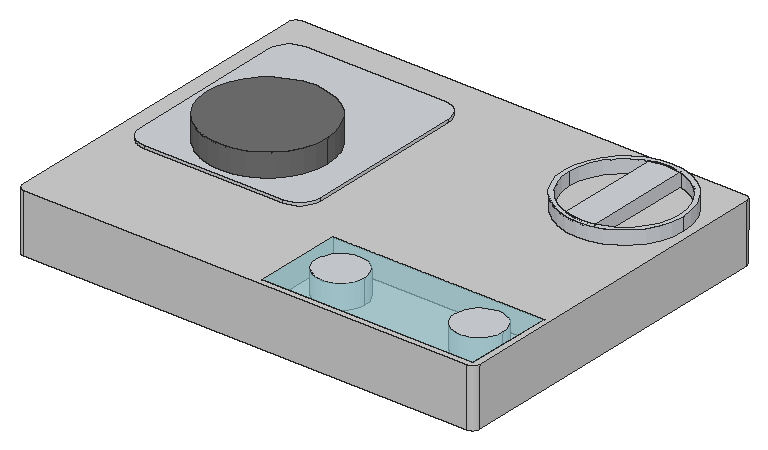
Revit family "Building-IEC309Connections-GEWISS-44IB-INTERLOCKED-SOCKET-OUTLETS_IP44_WITHOUT_BOTTOM_FUS", category Apparecchi elettrici, host Superficie, Revit 2019
Family settings
  Host = Superficie
  Mantenere orientamento annotazione = Sì
  Quota connettore circolare = Usa diametro
  Tipo di parte = Normale
  Taglio con vuoti quando caricato = No
  Condiviso = No
  Punto di calcolo locali = Sì
Parameters (values of type "GW66144 - 32A 3P+N+E 500V H.INT.SOCK.O.N.B. 7H CBF")
  visibilita posizionamento 2d [instance] = yes
  simbolo acceso [instance] = yes
  oggetto in pianta [instance] = not(visibilita posizionamento 2d)  # no
  distanza_simbolo [instance] = 1 mm
  distanza dal piano [instance] = 10 mm
  Working temperature = "-25 ÷ +40 °C"
  With back-mounting box = "No"
  W = 115 mm  # constant formula
  Voltaggio = 0 V
  Version file RFA = "21.4"
  VETRO = Vetro
  URL = "https://www.gewiss.com/ww/en"
  Typology = "Horizontal"
  Thermo-pressure with ball = "125 °C"
  Technical sheet = "https://www.gewiss.com/ww/en/search?q=GW66144"
  Spostamento_effettivo_S [instance] = 4000 mm - Spostamento_S  # 3000 mm
  Spostamento_S = 1000 mm
  Simbolo circuito [instance] = not(simbolo acceso)  # no
  Shock resistance = "IK08"
  STRUTTURA ALTA = blue
  STRUTTURA = RAL - 7035
  SEO = "Socket outlet"
  Reference h = "7"
  Realized by GEWISS S.p.A. = ""
  Rated voltage = "480-500V"
  Rated frequency (Hz) = "50/60 Hz"
  Rated current (In) = "32"
  Rated current (A) = "32"
  Protection = "Fuse-holder base (CBF)"
  Default Elevation = 1219.2 mm
  Produttore = "GEWISS S.p.A."
  PRESA = Giallo
  POMELLO = bianco
  Operating temperature: = "-25 +40 °C"
  Number of poles = "3P+N+E"
  No. of poles = "3P+N+E"
  N.poli = 1
  Modello = "GW66144"
  L = 155 mm  # constant formula
  Immagine tipo = IP44Fus.jpg
  IP degree = "IP44"
  IDT = "d594ee1e-5beb-4100-9b20-8b248744bc80"
  IDF = "220cc990-e7b6-467b-b248-952f9c972e44"
  Glow wire test: = "850 °C (active parts) - 650 °C (passive parts)"
  Glow Wire Test = "850 °C (active parts) - 650 °C (passive parts)"
  Fuses holder = "gG"
  Fuse breacking capacity = "> 50 kA"
  Frequency = "50/60 Hz"
  FORMULA = 1000 mm * 1  # 1000 mm
  Electrocod = "2220"
  EAN code = "8011564029507"
  Descrizione = "32A 3P+N+E 500V H.INT.SOCK.O.N.B. 7H CBF"
  Colour: = "Black"
  Colour = "Black"
  Catalogue Range = "44 IB"
  Catalogue = "BUILDING"
  COBie.Tagnumber = ""
  COBie.CreatedOn = ""
  COBie.CreatebBy = ""
  COBie.ComponentRegisterItemID = ""
  COBie.Component.TagNumber = ""
  COBie.Component.Space = ""
  COBie.Component.SerialNumber = ""
  COBie.Component.InstallationDate = ""
  COBie.Component.Description = ""
  COBie.Component.BarCode = ""
  BLOCCO = "B=C"
Types (22, lengths in mm): name | Technical sheet | Reference h | Rated voltage | Rated current (In) | Rated current (A) | Number of poles | No. of poles | Modello | IDT | Fuses holder | EAN code | Descrizione | Colour: | Colour
  GW66123 - 16A 2P+E 110V H.INT.SOCK.O.N.B. 4H CBF | "https://www.gewiss.com/ww/en/search?q=GW66123" | "4" | "100-130V" | "16" | "16" | "2P+E" | "2P+E" | "GW66123" | "d865181a-db6f-4733-a7f4-ee1a884c36ac" | "E14" | "8011564029293" | "16A 2P+E 110V H.INT.SOCK.O.N.B. 4H CBF" | "Yellow" | "Yellow"
  GW66124 - 16A 3P+E 110V H.INT.SOCK.O.N.B. 4H CBF | "https://www.gewiss.com/ww/en/search?q=GW66124" | "4" | "100-130V" | "16" | "16" | "3P+E" | "3P+E" | "GW66124" | "ba8cc6a1-6464-4a92-bec3-a971aebed9c9" | "E14" | "8011564029309" | "16A 3P+E 110V H.INT.SOCK.O.N.B. 4H CBF" | "Yellow" | "Yellow"
  GW66125 - 16A 3P+N+E 110V H.INT.SOCK.O.N.B. 4H CBF | "https://www.gewiss.com/ww/en/search?q=GW66125" | "4" | "100-130V" | "16" | "16" | "3P+N+E" | "3P+N+E" | "GW66125" | "780a1870-7141-4bca-a64a-31ce98675e8f" | "E14" | "8011564029316" | "16A 3P+N+E 110V H.INT.SOCK.O.N.B. 4H CBF" | "Yellow" | "Yellow"
  GW66126 - 16A 2P+E 230V H.INT.SOCK.O.N.B. 6H CBF | "https://www.gewiss.com/ww/en/search?q=GW66126" | "6" | "200-250V" | "16" | "16" | "2P+E" | "2P+E" | "GW66126" | "e4e375a5-ace5-484a-9d3f-762b819f9489" | "E14" | "8011564029323" | "16A 2P+E 230V H.INT.SOCK.O.N.B. 6H CBF" | "Blue" | "Blue"
  GW66127 - 16A 3P+E 230V H.INT.SOCK.O.N.B. 9H CBF | "https://www.gewiss.com/ww/en/search?q=GW66127" | "9" | "200-250V" | "16" | "16" | "3P+E" | "3P+E" | "GW66127" | "27e9ce2b-8455-460f-96e0-f57ed8d9a4a8" | "E14" | "8011564029330" | "16A 3P+E 230V H.INT.SOCK.O.N.B. 9H CBF" | "Blue" | "Blue"
  GW66128 - 16A 3P+N+E 230V H.INT.SOCK.O.N.B. 9H CBF | "https://www.gewiss.com/ww/en/search?q=GW66128" | "9" | "200-250V" | "16" | "16" | "3P+N+E" | "3P+N+E" | "GW66128" | "a443fdd3-9bf4-4279-82a0-fdacf7472c05" | "E14" | "8011564029347" | "16A 3P+N+E 230V H.INT.SOCK.O.N.B. 9H CBF" | "Blue" | "Blue"
  GW66129 - 16A 2P+E 400V H.INT.SOCK.O.N.B. 9H CBF | "https://www.gewiss.com/ww/en/search?q=GW66129" | "9" | "380-415V" | "16" | "16" | "2P+E" | "2P+E" | "GW66129" | "60379017-f275-4d69-bc77-8d432f6c908f" | "E14" | "8011564029354" | "16A 2P+E 400V H.INT.SOCK.O.N.B. 9H CBF" | "Red" | "Red"
  GW66130 - 16A 3P+E 400V H.INT.SOCK.O.N.B. 6H CBF | "https://www.gewiss.com/ww/en/search?q=GW66130" | "6" | "380-415V" | "16" | "16" | "3P+E" | "3P+E" | "GW66130" | "626ce0a9-565f-4e2d-a121-3c0070c761b2" | "E14" | "8011564029361" | "16A 3P+E 400V H.INT.SOCK.O.N.B. 6H CBF" | "Red" | "Red"
  GW66131 - 16A 3P+N+E 400V H.INT.SOCK.O.N.B. 6H CBF | "https://www.gewiss.com/ww/en/search?q=GW66131" | "6" | "380-415V" | "16" | "16" | "3P+N+E" | "3P+N+E" | "GW66131" | "f0238afb-2289-4400-b44b-e1221a362020" | "E14" | "8011564029378" | "16A 3P+N+E 400V H.INT.SOCK.O.N.B. 6H CBF" | "Red" | "Red"
  GW66132 - 16A 3P+E 500V H.INT.SOCK.O.N.B. 7H CBF | "https://www.gewiss.com/ww/en/search?q=GW66132" | "7" | "480-500V" | "16" | "16" | "3P+E" | "3P+E" | "GW66132" | "02a3db47-bfc7-4908-b6d0-5a2c496df560" | "gG" | "8011564029385" | "16A 3P+E 500V H.INT.SOCK.O.N.B. 7H CBF" | "Black" | "Black"
  GW66133 - 16A 3P+N+E 500V H.INT.SOCK.O.N.B. 7H CBF | "https://www.gewiss.com/ww/en/search?q=GW66133" | "7" | "480-500V" | "16" | "16" | "3P+N+E" | "3P+N+E" | "GW66133" | "05d95da2-3f60-4d1d-95d9-5079e33acc79" | "gG" | "8011564029392" | "16A 3P+N+E 500V H.INT.SOCK.O.N.B. 7H CBF" | "Black" | "Black"
  GW66134 - 32A 2P+E 110V H.INT.SOCK.O.N.B. 4H CBF | "https://www.gewiss.com/ww/en/search?q=GW66134" | "4" | "100-130V" | "32" | "32" | "2P+E" | "2P+E" | "GW66134" | "55c611ab-fc5f-45bb-83d3-7ac72e4d1a5f" | "E18" | "8011564029408" | "32A 2P+E 110V H.INT.SOCK.O.N.B. 4H CBF" | "Yellow" | "Yellow"
  GW66135 - 32A 3P+E 110V H.INT.SOCK.O.N.B. 4H CBF | "https://www.gewiss.com/ww/en/search?q=GW66135" | "4" | "100-130V" | "32" | "32" | "3P+E" | "3P+E" | "GW66135" | "f273748a-626d-457f-a7f8-4a647b34e61b" | "E18" | "8011564029415" | "32A 3P+E 110V H.INT.SOCK.O.N.B. 4H CBF" | "Yellow" | "Yellow"
  GW66136 - 32A 3P+N+E 110V H.INT.SOCK.O.N.B. 4H CBF | "https://www.gewiss.com/ww/en/search?q=GW66136" | "4" | "100-130V" | "32" | "32" | "3P+N+E" | "3P+N+E" | "GW66136" | "02324301-823f-47d2-bdfc-f335b4377400" | "E18" | "8011564029422" | "32A 3P+N+E 110V H.INT.SOCK.O.N.B. 4H CBF" | "Yellow" | "Yellow"
  GW66137 - 32A 2P+E 230V H.INT.SOCK.O.N.B. 6H CBF | "https://www.gewiss.com/ww/en/search?q=GW66137" | "6" | "200-250V" | "32" | "32" | "2P+E" | "2P+E" | "GW66137" | "d60d6951-15fe-4860-bfa8-1e7b4dfc9a13" | "E18" | "8011564029439" | "32A 2P+E 230V H.INT.SOCK.O.N.B. 6H CBF" | "Blue" | "Blue"
  GW66138 - 32A 3P+E 230V H.INT.SOCK.O.N.B. 9H CBF | "https://www.gewiss.com/ww/en/search?q=GW66138" | "9" | "200-250V" | "32" | "32" | "3P+E" | "3P+E" | "GW66138" | "7e39b0d5-9697-4710-ad08-14052aaa1030" | "E18" | "8011564029446" | "32A 3P+E 230V H.INT.SOCK.O.N.B. 9H CBF" | "Blue" | "Blue"
  GW66139 - 32A 3P+N+E 230V H.INT.SOCK.O.N.B. 9H CBF | "https://www.gewiss.com/ww/en/search?q=GW66139" | "9" | "200-250V" | "32" | "32" | "3P+N+E" | "3P+N+E" | "GW66139" | "7be2307e-add9-4018-be24-103bc8ff07f7" | "E18" | "8011564029453" | "32A 3P+N+E 230V H.INT.SOCK.O.N.B. 9H CBF" | "Blue" | "Blue"
  GW66140 - 32A 2P+E 400V H.INT.SOCK.O.N.B. 9H CBF | "https://www.gewiss.com/ww/en/search?q=GW66140" | "9" | "380-415V" | "32" | "32" | "2P+E" | "2P+E" | "GW66140" | "da9a0dd5-dbfc-4347-8c85-6acd15e5a295" | "E18" | "8011564029460" | "32A 2P+E 400V H.INT.SOCK.O.N.B. 9H CBF" | "Red" | "Red"
  GW66141 - 32A 3P+E 400V H.INT.SOCK.O.N.B. 6H CBF | "https://www.gewiss.com/ww/en/search?q=GW66141" | "6" | "380-415V" | "32" | "32" | "3P+E" | "3P+E" | "GW66141" | "d1dcc1e9-ce0b-4fca-a15c-cdb788cca326" | "E18" | "8011564029477" | "32A 3P+E 400V H.INT.SOCK.O.N.B. 6H CBF" | "Red" | "Red"
  GW66142 - 32A 3P+N+E 400V H.INT.SOCK.O.N.B. 6H CBF | "https://www.gewiss.com/ww/en/search?q=GW66142" | "6" | "380-415V" | "32" | "32" | "3P+N+E" | "3P+N+E" | "GW66142" | "b4ab6ff6-c865-4da7-8c3e-7eee63859023" | "E18" | "8011564029484" | "32A 3P+N+E 400V H.INT.SOCK.O.N.B. 6H CBF" | "Red" | "Red"
  GW66143 - 32A 3P+E 500V H.INT.SOCK.O.N.B. 7H CBF | "https://www.gewiss.com/ww/en/search?q=GW66143" | "7" | "480-500V" | "32" | "32" | "3P+E" | "3P+E" | "GW66143" | "6257d119-5bf8-4505-9e73-2c5024973be1" | "gG" | "8011564029491" | "32A 3P+E 500V H.INT.SOCK.O.N.B. 7H CBF" | "Black" | "Black"
  GW66144 - 32A 3P+N+E 500V H.INT.SOCK.O.N.B. 7H CBF | "https://www.gewiss.com/ww/en/search?q=GW66144" | "7" | "480-500V" | "32" | "32" | "3P+N+E" | "3P+N+E" | "GW66144" | "d594ee1e-5beb-4100-9b20-8b248744bc80" | "gG" | "8011564029507" | "32A 3P+N+E 500V H.INT.SOCK.O.N.B. 7H CBF" | "Black" | "Black"
Reference planes
  plane 1 "Centro (Fronte/Retro)": y = 0
  plane 2: z = 0
  plane 3 "Centro (Sinistra/Destra)": x = 0
  plane 4: x = -3000
  plane 5: x = 0
  plane 6: through (-313.07, 66.247, 1219.2) normal (0.9397, -0.342, 0)
  plane 7: through (-499.796, -177.063, 1219.2) normal (0.342, 0.9397, 0)
  plane 8: through (528.128, 342.051, 1219.2) normal (0.9397, -0.342, 0)
  plane 9: x = -77.5
  plane 10: x = 77.5
  plane 11: y = -57.5
  plane 12: y = 57.5
  plane 13: z = 10
Forms (mm)
  Extrusion 1, solid, detail levels coarse
    sketch origin (-117, 0, 0) x (1, 0, 0) y (0, 1, 0)
      loop
        line (5.324, 72.25) -> (5.324, -72.25) -> (195.824, -72.25) -> (195.824, 72.25) -> (5.324, 72.25)
    from 10 to 44.5
Lines and regions (mm)
  symbolic lines, visible <- "visibilita posizionamento 2d"
    curve 1: line (-111.676, 0, 10) -> (-111.676, 0, 33.544)
    curve 2: line (-111.676, 0, 33.544) -> (81.574, 0, 33.544)
    curve 3: line (81.574, 0, 33.544) -> (81.574, 0, 10)
  symbolic lines, visible <- "visibilita posizionamento 2d", not visible
    curve 4: line (-111.676, 0, 63.456) -> (-111.676, 0, 87)
    curve 5: line (-111.676, 0, 87) -> (81.574, 0, 87)
    curve 6: line (81.574, 0, 87) -> (81.574, 0, 63.456)
  symbolic lines
    curve 7: line (-111.676, 0, 10) -> (81.574, 0, 10)
  symbolic lines, not visible
    curve 8: line (-111.676, 0, 63.456) -> (81.574, 0, 63.456)
Text (mm)
  text "B=C*D" at (190.064, 99.613, 0), in view "Livello rif."
Dimensions and locks
  plane 4 to plane 3 "Centro (Sinistra/Destra)" = 3000 mm
  "Spostamento_effettivo_S": plane 4 to plane 5
  equal spacing: plane 9, plane 3 "Centro (Sinistra/Destra)", plane 10
  equal spacing: plane 12, plane 1 "Centro (Fronte/Retro)", plane 11
  "L": plane 9 to plane 10
  "W": plane 12 to plane 11
  "distanza dal piano": plane 13 to plane 2
  angle plane 6 to plane 5 = 20.00°
  angle plane 7 to plane 1 "Centro (Fronte/Retro)" = 20.00°
  angle plane 8 to plane 7 = 90.00°
  aligned and locked: plane 2 to host face
  aligned and locked: level to host face
  aligned and locked: nested 1 to plane 5
  aligned and locked: plane 1 "Centro (Fronte/Retro)" to nested 2
  aligned and locked: Extrusion 1 to plane 13
  aligned and locked: plane 5 to nested 3
  aligned and locked: plane 3 "Centro (Sinistra/Destra)" to nested 2
  aligned and locked: Extrusion 1 to nested 2  (x5)
  aligned and locked: Extrusion 1 to curve 7
  aligned and locked: curve 1 to Extrusion 1
  aligned and locked: curve 3 to nested 2
Automatic sketch dimensions
  host sketch curve to host sketch curve = 2438.4 mm  (x2)
  Extrusion 1 sketch curve to plane 3 "Centro (Sinistra/Destra)" = 111.676 mm
  plane 3 "Centro (Sinistra/Destra)" to Extrusion 1 sketch curve = 78.824 mm
  plane 1 "Centro (Fronte/Retro)" to Extrusion 1 sketch curve = 72.25 mm
  Extrusion 1 sketch curve to plane 1 "Centro (Fronte/Retro)" = 72.25 mm
  curve 3 to curve 2 = 23.544 mm
  curve 6 to curve 5 = 23.544 mm
  curve 1 to curve 3 = 193.25 mm
  curve 4 to curve 6 = 193.25 mm
Nested families
  nested 1: "PRESAINDPFUS" at (0, 247.795, 0), SIMBOLO ACCESO <- "simbolo acceso", Distanza dal muro <- "distanza_simbolo", visible <- "simbolo acceso", type "3P"
    with SIMBOLO ACCESO yes, Distanza dal muro 1 mm, BORDO ACCESO yes
  nested 2: "base_IB PRESE INTERBLOC portaf ORIZ.rfa_no fondo" at (-16.426, 0, 10), type "base_IB PRESE INTERBLOC portaf ORIZ.rfa_no fondo", detail levels medium+fine
  nested 3: "simbolo_circuitoGW66201N" at (0.924, 249.682, 0), Distanza dal muro <- "distanza_simbolo", visible <- "Simbolo circuito", type "3P"
    with SIMBOLO ACCESO yes, Distanza dal muro 1 mm, BORDO ACCESO yes
Connectors
  electrical at (-16.426, -72.25, 27.25), driven by "N.poli", driven by "Voltaggio"
    settings: on Extrusion 1, index 1, voltage 0 V, apparent load 0 VA, apparent load phase1 0 VA, apparent load phase2 0 VA, apparent load phase3 0 VA, power factor 1, load classification "Altro", number of poles 1, system type 31, power factor state 1, is connector primary yes, connector utility no, sub classification motor no, connector description ""
Definition of nested family "base_IB PRESE INTERBLOC portaf ORIZ.rfa_no fondo"
  Parameters (values of type "base_IB PRESE INTERBLOC portaf ORIZ.rfa_no fondo")
    Vetro = none
    Struttura = none
    Spessore = 160 mm
    Default Elevation = 14 mm
    Presa = none
    Lunghezza = 196 mm  # constant formula
    IFC.TypeObject = ""
    IFC.ExportType = ""
    IFC.ExportAs = ""
    H_da terra = 586.883 mm
    COBie.CreatedOn = ""
    COBie.CreatebBy = ""
    COBie.ComponentRegisterItemID = ""
    COBie.Component.TagNumber = ""
    COBie.Component.Space = ""
    COBie.Component.SerialNumber = ""
    COBie.Component.InstallationDate = ""
    COBie.Component.Description = ""
    COBie.Component.BarCode = ""
    Altezza = 150 mm  # constant formula
  Reference planes
    plane 1 "Centro (Fronte/Retro)": y = 0
    plane 2: z = 0
    plane 3 "Centro (Sinistra/Destra)": x = 0
    plane 4: z = 34.5
    plane 5: x = -95.25
    plane 6: x = -98
    plane 7: x = 95.25
    plane 8: x = 98
    plane 9: y = 75
    plane 10: y = -75
    plane 11: x = -65.25
    plane 12: z = 0
    plane 13: z = 25.133
    plane 14: z = 24
    plane 15: y = 58.289
    plane 16: x = 93
    plane 17: y = -32.96
    plane 18: x = 5
    plane 19: y = -70
    plane 20: z = 14.218
    plane 21: y = -43.532
    plane 22: x = 16.426
    plane 23: x = 85.968
    plane 24: z = 9.75
    plane 25: z = 27.604
  Forms (mm)
    Extrusion 1, solid, material <- "Struttura"
      sketch origin (0, -661.883, 0) x (1, 0, 0) y (0, 1, 0)
        loop
          line (-95.25, 731.134) -> (-95.25, 592.633)
          arc (-95.25, 592.633) -> (-94.372, 590.512) -> (-92.251, 589.633) r 3
          line (-92.251, 589.633) -> (92.251, 589.633)
          arc (92.251, 589.633) -> (94.372, 590.512) -> (95.25, 592.633) r 3
          line (95.25, 592.633) -> (95.25, 731.134)
          arc (95.25, 731.134) -> (94.372, 733.255) -> (92.251, 734.133) r 3
          line (92.251, 734.133) -> (-92.251, 734.133)
          arc (-92.251, 734.133) -> (-94.372, 733.255) -> (-95.25, 731.134) r 3
      from 0 to 24
    Extrusion 2, solid
      sketch origin (15.707, -661.98, 0) x (1, 0, 0) y (0, 1, 0)
        loop
          circle (51.251, 703.105) r 24.739
        loop
          circle (51.251, 703.105) r 22.94
      from 24 to 29.5
    Extrusion 3, solid
      sketch origin (14.421, -653.184, 0) x (1, 0, 0) y (0, 1, 0)
        loop
          arc (45.579, 672.45) -> (51.85, 671.379) -> (58.173, 672.073) r 22.94
          line (58.173, 672.073) -> (58.173, 716.546)
          arc (58.173, 716.546) -> (51.85, 717.239) -> (45.579, 716.168) r 22.94
          line (45.579, 716.168) -> (45.579, 672.45)
      from 24 to 29.5
    Extrusion 4, solid
      sketch origin (-22.5, -674.005, 0) x (1, 0, 0) y (0, 1, 0)
        loop
          line (9.483, 657.084) -> (9.521, 723.465)
          arc (9.521, 723.465) -> (6.935, 729.709) -> (0.692, 732.295) r 8.829
          line (0.692, 732.295) -> (-56.711, 732.295)
          arc (-56.711, 732.295) -> (-62.749, 729.794) -> (-65.25, 723.756) r 8.539
          line (-65.25, 723.756) -> (-65.25, 656.898)
          arc (-65.25, 656.898) -> (-62.73, 650.814) -> (-56.647, 648.294) r 8.604
          line (-56.647, 648.294) -> (0.692, 648.294)
          arc (0.692, 648.294) -> (6.908, 650.868) -> (9.483, 657.084) r 8.791
      from 24 to 25.133
    Extrusion 5, solid, material <- "Presa"
      sketch origin (-22.5, -652.755, 0) x (1, 0, 0) y (0, 1, 0)
        loop
          circle (-27.977, 655.044) r 25
      from 24 to 34.5
    Extrusion 6, void
      sketch origin (0, 0, 0) x (1, 0, 0) y (0, 1, 0)
        loop
          line (5, -70) -> (93, -70) -> (93, -32.96) -> (5, -32.96) -> (5, -70)
      from 14.218 to 24
    Extrusion 7, solid
      sketch origin (0, 0, 0) x (1, 0, 0) y (0, 1, 0)
        loop
          line (5, -70) -> (93, -70) -> (93, -32.96) -> (5, -32.96) -> (5, -70)
      from 9.75 to 24
    Extrusion 8, solid
      sketch origin (0, 0, 0) x (1, 0, 0) y (0, 1, 0)
        loop
          circle (20.176, -47.907) r 10
        loop
          circle (77.824, -47.907) r 10
      from 24 to 9.75
  Cuts and joins
    Extrusion 6 cuts Extrusion 1
  Dimensions and locks
    locked: plane 6 to plane 5 at 2.75
    locked: plane 7 to plane 8 at 2.75
    "Lunghezza": plane 6 to plane 8
    equal spacing: plane 10, plane 1 "Centro (Fronte/Retro)", plane 9
    equal spacing: plane 6, plane 3 "Centro (Sinistra/Destra)", plane 8
    plane 12 to level = 0 mm
    plane 18 to plane 16 = 88 mm
    plane 17 to plane 19 = 37.04 mm
    locked: plane 16 to plane 8 at 5
    locked: plane 10 to plane 19 at 5
    "Altezza": plane 10 to plane 9
    locked: plane 13 to plane 25 at 2.471
    plane 12 to plane 20 = 14.218 mm
    locked: plane 20 to plane 14 at 9.782
    locked: plane 14 to plane 13 at 1.133
    plane 12 to plane 14 = 24 mm
    locked: plane 12 to plane 4 at 34.5
    locked: plane 4 to plane 25 at 6.896
    locked: plane 4 to Extrusion 2 at 5
    locked: plane 24 to plane 20 at 4.468
    aligned and locked: level to plane 2
    aligned and locked: Extrusion 2 to Extrusion 1
    aligned and locked: Extrusion 4 to plane 15
    aligned and locked: Extrusion 6 sketch curve to plane 18
    aligned and locked: Extrusion 6 sketch curve to plane 17
    aligned and locked: Extrusion 6 sketch curve to plane 16
    aligned and locked: Extrusion 6 sketch curve to plane 19
    aligned and locked: Extrusion 2 to Extrusion 6
    aligned and locked: plane 20 to cut or joined group of Extrusion 1, Extrusion 6
    aligned and locked: Extrusion 7 sketch curve to plane 18
    aligned and locked: Extrusion 7 sketch curve to plane 19
    aligned and locked: Extrusion 7 sketch curve to plane 17
    aligned and locked: Extrusion 7 sketch curve to plane 16
    aligned and locked: Extrusion 7 to plane 14
    aligned and locked: Extrusion 3 sketch curve to Extrusion 2  (x2)
    aligned and locked: plane 24 to Extrusion 7
    aligned and locked: Extrusion 8 to plane 24
    aligned and locked: plane 14 to Extrusion 4
    aligned and locked: plane 14 to Extrusion 5
    aligned and locked: plane 14 to Extrusion 3
    aligned and locked: Extrusion 4 to plane 13
    aligned and locked: plane 12 to cut or joined group of Extrusion 1, Extrusion 6
    aligned and locked: cut or joined group of Extrusion 1, Extrusion 6 to plane 14
    aligned and locked: Extrusion 8 to plane 14
    aligned and locked: plane 4 to Extrusion 5
    aligned and locked: Extrusion 2 to Extrusion 3
  Automatic sketch dimensions
    Extrusion 1 sketch curve to plane 5 = 0 mm
    Extrusion 1 sketch curve to plane 7 = 0 mm
    Extrusion 1 sketch curve to plane 5 = 3 mm  (x2)
    Extrusion 1 sketch curve to Extrusion 1 sketch curve = 3 mm
    plane 7 to Extrusion 1 sketch curve = 3 mm
    Extrusion 1 sketch curve to plane 10 = 2.75 mm
    plane 9 to Extrusion 1 sketch curve = 5.749 mm
    Extrusion 2 sketch curve to Extrusion 2 sketch curve = 0 mm  (x2)
    plane 7 to Extrusion 2 sketch curve = 28.292 mm
    plane 9 to Extrusion 2 sketch curve = 33.875 mm
    Extrusion 5 sketch curve to plane 1 "Centro (Fronte/Retro)" = 2.288 mm
    Extrusion 4 sketch curve to plane 11 = 22.5 mm
    Extrusion 4 sketch curve to plane 11 = 13.961 mm
    Extrusion 4 sketch curve to plane 11 = 13.896 mm
    Extrusion 4 sketch curve to plane 3 "Centro (Sinistra/Destra)" = 21.808 mm  (x2)
    Extrusion 4 sketch curve to Extrusion 4 sketch curve = 8.829 mm
    plane 1 "Centro (Fronte/Retro)" to Extrusion 4 sketch curve = 16.921 mm
    plane 1 "Centro (Fronte/Retro)" to Extrusion 4 sketch curve = 17.108 mm
    Extrusion 4 sketch curve to Extrusion 4 sketch curve = 0 mm
    Extrusion 5 sketch curve to plane 3 "Centro (Sinistra/Destra)" = 50.477 mm
    plane 15 to Extrusion 4 sketch curve = 0 mm
    Extrusion 3 sketch curve to plane 15 = 4.695 mm
    Extrusion 3 sketch curve to plane 15 = 5.072 mm
    Extrusion 8 sketch curve to plane 23 = 8.144 mm
    plane 22 to Extrusion 8 sketch curve = 3.75 mm
    Extrusion 8 sketch curve to plane 21 = 4.375 mm  (x2)
    radius of Extrusion 2 sketch curve = 24.739 mm
    radius of Extrusion 2 sketch curve = 22.94 mm
    radius of Extrusion 5 sketch curve = 25 mm
    radius of Extrusion 8 sketch curve = 10 mm  (x2)
Definition of nested family "PRESAINDPFUS"
  Parameters (values of type "2P")
    SIMBOLO ACCESO [instance] = yes
    SIMBOLO = PRESAINDPFUS_BASE : 2P
    Distanza dal muro [instance] = 0 mm
    BORDO ACCESO [instance] = yes
  Types (2, lengths in mm): name | SIMBOLO
    2P | PRESAINDPFUS_BASE : 2P
    3P | PRESAINDPFUS_BASE : 3P
  Reference planes
    plane 1: y = 0
    plane 2: x = 0
  Dimensions and locks
    "Distanza dal muro": plane 1 to nested 1
    aligned and locked: plane 2 to nested 1
  Nested families
    nested 1: "PRESAINDPFUS_BASE" at (0, 0, 0), type <- "SIMBOLO", CORNICE SIMBOLO <- "BORDO ACCESO", visible <- "SIMBOLO ACCESO", type "2P"
  Definition of nested family "PRESAINDPFUS_BASE"
    Parameters (values of type "3P")
      CORNICE SIMBOLO [instance] = yes
      3P = yes
    Types (2, lengths in mm): name | 3P
      3P | yes
      2P | no
    Reference planes
      plane 1: y = 0
      plane 2: x = 0
    Lines and regions (mm)
      detail lines, visible <- "CORNICE SIMBOLO"
        curve 1: line (-0.9, 2.4, 0) -> (0.9, 2.4, 0)
        curve 2: line (0.9, 2.4, 0) -> (0.9, 0.1, 0)
        curve 3: line (0.9, 0.1, 0) -> (-0.9, 0.1, 0)
        curve 4: line (-0.9, 0.1, 0) -> (-0.9, 2.4, 0)
      detail lines, not visible
        curve 5: line (-2.443, 10.208, 0) -> (2.057, 10.208, 0)
        curve 6: line (2.057, 10.208, 0) -> (2.057, 4.208, 0)
        curve 7: line (2.057, 4.208, 0) -> (-2.443, 4.208, 0)
        curve 8: line (-2.443, 4.208, 0) -> (-2.443, 10.208, 0)
        curve 9: line (-2.043, 9.808, 0) -> (1.657, 9.808, 0)
        curve 10: line (1.657, 9.808, 0) -> (1.657, 4.608, 0)
        curve 11: line (1.657, 4.608, 0) -> (-2.043, 4.608, 0)
        curve 12: line (-2.043, 4.608, 0) -> (-2.043, 9.808, 0)
      detail lines
        curve 13: line (-0.45, 1.069, 0) -> (-0.167, 1.069, 0)
        curve 14: line (-0.167, 1.069, 0) -> (0.33, 1.929, 0)
        curve 15: line (0.33, 1.929, 0) -> (0.836, 1.636, 0)
        curve 16: line (-0.167, 1.069, 0) -> (-0.45, 0.578, 0)
        curve 17: line (-0.45, 0.578, 0) -> (-0.45, 2.341, 0)
        curve 18: line (0.135, 1.591, 0) -> (0.641, 1.299, 0)
        curve 19: line (-0.84, 0.578, 0) -> (-0.06, 0.578, 0)
        curve 20: line (-0.45, 0.952, 0) -> (-0.333, 1.069, 0)
        curve 21: line (-0.45, 0.883, 0) -> (-0.264, 1.069, 0)
        curve 22: line (-0.45, 0.814, 0) -> (-0.195, 1.069, 0)
        curve 23: line (-0.45, 0.745, 0) -> (-0.223, 0.972, 0)
        curve 24: line (-0.45, 0.676, 0) -> (-0.317, 0.809, 0)
        curve 26: arc (-0.84, 0.189, 0) -> (-0.45, 0.578, 0) -> (-0.06, 0.189, 0) r 0.39
        curve 27: line (-0.608, 1.243, 0) -> (-0.608, 2.064, 0)
        curve 28: line (-0.608, 2.064, 0) -> (-0.292, 2.064, 0)
        curve 29: line (-0.292, 2.064, 0) -> (-0.292, 1.243, 0)
        curve 30: line (-0.292, 1.243, 0) -> (-0.608, 1.243, 0)
      detail lines, visible <- "3P"
        curve 25: line (-0.06, 1.254, 0) -> (0.446, 0.961, 0)
Definition of nested family "simbolo_circuitoGW66201N"
  Parameters (values of type "3P")
    SIMBOLO ACCESO [instance] = yes
    SIMBOLO = PRESAINDSTAGNA_BASE : 3P
    Distanza dal muro [instance] = 0 mm
    BORDO ACCESO [instance] = yes
  Reference planes
    plane 1: y = 0
    plane 2: x = 0
  Dimensions and locks
    "Distanza dal muro": plane 1 to nested 1
    aligned and locked: plane 2 to nested 1
  Nested families
    nested 1: "GW66201N-simb_base_di circuito" at (0, 0, 0), visible <- "SIMBOLO ACCESO", type "3P"
      with CORNICE SIMBOLO yes
  Definition of nested family "GW66201N-simb_base_di circuito"
    Parameters (values of type "3P")
      CORNICE SIMBOLO [instance] = yes
      3P = yes
    Types (2, lengths in mm): name | 3P
      3P | yes
      2P | no
    Reference planes
      plane 1: y = 0
      plane 2: x = 0
    Lines and regions (mm)
      detail lines, not visible
        curve 1: line (-2.443, 10.208, 0) -> (2.057, 10.208, 0)
        curve 2: line (2.057, 10.208, 0) -> (2.057, 4.208, 0)
        curve 3: line (2.057, 4.208, 0) -> (-2.443, 4.208, 0)
        curve 4: line (-2.443, 4.208, 0) -> (-2.443, 10.208, 0)
        curve 5: line (-2.043, 9.808, 0) -> (1.657, 9.808, 0)
        curve 6: line (1.657, 9.808, 0) -> (1.657, 4.608, 0)
        curve 7: line (1.657, 4.608, 0) -> (-2.043, 4.608, 0)
        curve 8: line (-2.043, 4.608, 0) -> (-2.043, 9.808, 0)
    Dimensions and locks
      aligned and locked: import instance to plane 2
      aligned and locked: plane 1 to import instance
